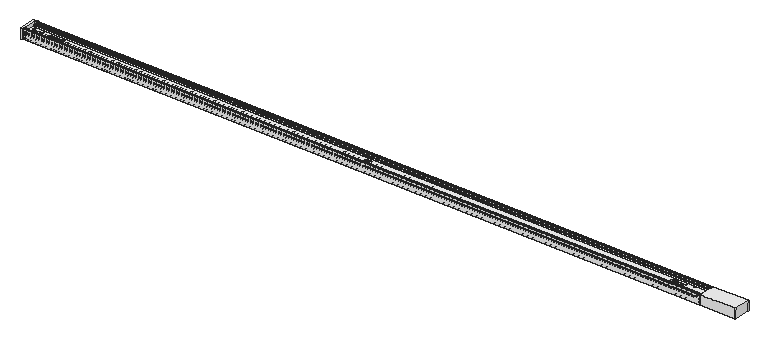
Revit family "SD1015BR_SD1015PTO", category Luminárias, Revit 2023
Family settings
  Hospedeiro = Forro
  Cota do conector redondo = Utilizar diâmetro
  Tipo de parte = Normal
  Número OmniClass = 23.80.70.11
  Título OmniClass = Luminaries for Internal Lighting
  Sempre na vertical = Sim
  Corte com vazios quando carregada = Não
  Fonte luminosa = Não
  Manter orientação da anotação = Não
  Compartilhado = Não
  Ponto de cálculo do ambiente = Não
Parameters (values of type "SD1015BR - BRANCO - 1,5m")
  URL = "https://stella.com.br/"
  Tensão Elétrica = "127V-220V"
  Referência = "SD1015BR"
  Potência máxima = 1000 W
  Modelo = "Trilho ECO de Sobrepor\r\n\r\nTrilho ECO de Sobrepor\r\nTrace - Trilho de Sobrepor 1m"
  Largura = 0.035 m
  Grau de proteção (IP) = "IP20"
  Fabricante = "Stella"
  Estrutura = Al - Branco
  Elevação padrão = 0.00 m
  Comprimento = 1.50 m
  Altura = 0.021 m
Types (3, lengths in m): name | Referência | Estrutura
  (no name) | "SD1015BR" | Al - Branco
  SD1015BR - BRANCO - 1,5m | "SD1015BR" | Al - Branco
  SD1015PTO - PRETO - 1,5m | "SD1015PTO" | Al - Preto
Reference planes (m)
  plane 1 "Eixo de origem da luz (F/T)": y = 0
  plane 2 "Forro": z = 2.5
  plane 3 "Eixo de origem da luz (E/D)": x = 0
  plane 4 "Elevação da origem da luz": z = 2.479
  plane 5: y = 0.0175
  plane 6: y = -0.0175
  plane 7: x = -0.75
  plane 8: x = 0.75
  plane 9 "Inferior": z = 2.479
  plane 10 "Superior": z = 2.5
Forms (m)
  Extrusion 1, solid, material "Al - Branco" <- "Estrutura"
    sketch origin (0, 0, 0) x (0, 1, 0) y (0, 0, 1)
      loop
        line (0.012852, 2.4988) -> (0.0162, 2.4988) -> (0.0162, 2.4936) -> (0.0114, 2.4936)
        arc (0.0114, 2.4936) -> (0.01, 2.494805) -> (0.0086, 2.4936) r 0.001416
        line (0.0086, 2.4936) -> (-0.0086, 2.4936)
        arc (-0.0086, 2.4936) -> (-0.01, 2.494805) -> (-0.0114, 2.4936) r 0.001416
        line (-0.0114, 2.4936) -> (-0.0162, 2.4936) -> (-0.0162, 2.4988) -> (-0.012852, 2.4988)
        spline (-0.012852, 2.4988) -> (-0.012795, 2.498814) -> (-0.012742, 2.498854) -> (-0.012697, 2.498917) -> (-0.012662, 2.499) -> (-0.01264, 2.499096) -> (-0.012633, 2.4992) -> (-0.01264, 2.499304) -> (-0.012662, 2.4994) -> (-0.012697, 2.499483) -> (-0.012742, 2.499546) -> (-0.012795, 2.499586) -> (-0.012852, 2.4996)
        line (-0.012852, 2.4996) -> (-0.0162, 2.4996)
        spline (-0.0162, 2.4996) -> (-0.016214, 2.499704) -> (-0.016254, 2.4998) -> (-0.016317, 2.499883) -> (-0.0164, 2.499946) -> (-0.016496, 2.499986) -> (-0.0166, 2.5) -> (-0.016704, 2.499986) -> (-0.0168, 2.499946) -> (-0.016883, 2.499883) -> (-0.016946, 2.4998) -> (-0.016986, 2.499704) -> (-0.017, 2.4996)
        line (-0.017, 2.4996) -> (-0.017, 2.4805) -> (-0.0083, 2.4805)
        arc (-0.0083, 2.4805) -> (-0.007815, 2.480664) -> (-0.007529, 2.481088) r 0.0008
        line (-0.007529, 2.481088) -> (-0.007529, 2.481912)
        arc (-0.007529, 2.481912) -> (-0.007815, 2.482336) -> (-0.0083, 2.4825) r 0.0008
        line (-0.0083, 2.4825) -> (-0.0094, 2.4825)
        arc (-0.0094, 2.4825) -> (-0.009824, 2.482324) -> (-0.01, 2.4819) r 0.0006
        arc (-0.01, 2.4819) -> (-0.010176, 2.481476) -> (-0.0106, 2.4813) r 0.0006
        line (-0.0106, 2.4813) -> (-0.0135, 2.4813) -> (-0.0135, 2.48285)
        spline (-0.0135, 2.48285) -> (-0.013514, 2.482937) -> (-0.013554, 2.483018) -> (-0.013617, 2.483087) -> (-0.0137, 2.483141) -> (-0.013796, 2.483174) -> (-0.0139, 2.483186) -> (-0.014004, 2.483174) -> (-0.0141, 2.483141) -> (-0.014183, 2.483087) -> (-0.014246, 2.483018) -> (-0.014286, 2.482937) -> (-0.0143, 2.48285)
        line (-0.0143, 2.48285) -> (-0.0143, 2.4813) -> (-0.015611, 2.4813)
        arc (-0.015611, 2.4813) -> (-0.016027, 2.481473) -> (-0.0162, 2.481889) r 0.000589
        line (-0.0162, 2.481889) -> (-0.0162, 2.492214)
        arc (-0.0162, 2.492214) -> (-0.016059, 2.492595) -> (-0.015705, 2.492793) r 0.000586
        line (-0.015705, 2.492793) -> (-0.014795, 2.492793)
        arc (-0.014795, 2.492793) -> (-0.014441, 2.492595) -> (-0.0143, 2.492214) r 0.000586
        line (-0.0143, 2.492214) -> (-0.0143, 2.491289)
        spline (-0.0143, 2.491289) -> (-0.014286, 2.491195) -> (-0.014246, 2.491108) -> (-0.014183, 2.491033) -> (-0.0141, 2.490975) -> (-0.014004, 2.490939) -> (-0.0139, 2.490926) -> (-0.013796, 2.490939) -> (-0.0137, 2.490975) -> (-0.013617, 2.491033) -> (-0.013554, 2.491108) -> (-0.013514, 2.491195) -> (-0.0135, 2.491289)
        line (-0.0135, 2.491289) -> (-0.0135, 2.492214)
        arc (-0.0135, 2.492214) -> (-0.013328, 2.492628) -> (-0.012914, 2.4928) r 0.000586
        line (-0.012914, 2.4928) -> (0.012914, 2.4928)
        arc (0.012914, 2.4928) -> (0.013328, 2.492628) -> (0.0135, 2.492214) r 0.000586
        line (0.0135, 2.492214) -> (0.0135, 2.491289)
        spline (0.0135, 2.491289) -> (0.013514, 2.491195) -> (0.013554, 2.491108) -> (0.013617, 2.491033) -> (0.0137, 2.490975) -> (0.013796, 2.490939) -> (0.0139, 2.490926) -> (0.014004, 2.490939) -> (0.0141, 2.490975) -> (0.014183, 2.491033) -> (0.014246, 2.491108) -> (0.014286, 2.491195) -> (0.0143, 2.491289)
        line (0.0143, 2.491289) -> (0.0143, 2.492214)
        arc (0.0143, 2.492214) -> (0.014441, 2.492595) -> (0.014795, 2.492793) r 0.000586
        line (0.014795, 2.492793) -> (0.015705, 2.492793)
        arc (0.015705, 2.492793) -> (0.016059, 2.492595) -> (0.0162, 2.492214) r 0.000586
        line (0.0162, 2.492214) -> (0.0162, 2.481889)
        arc (0.0162, 2.481889) -> (0.016027, 2.481473) -> (0.015611, 2.4813) r 0.000589
        line (0.015611, 2.4813) -> (0.0143, 2.4813) -> (0.0143, 2.48285)
        spline (0.0143, 2.48285) -> (0.014286, 2.482937) -> (0.014246, 2.483018) -> (0.014183, 2.483087) -> (0.0141, 2.483141) -> (0.014004, 2.483174) -> (0.0139, 2.483186) -> (0.013796, 2.483174) -> (0.0137, 2.483141) -> (0.013617, 2.483087) -> (0.013554, 2.483018) -> (0.013514, 2.482937) -> (0.0135, 2.48285)
        line (0.0135, 2.48285) -> (0.0135, 2.4813) -> (0.0106, 2.4813)
        arc (0.0106, 2.4813) -> (0.010176, 2.481476) -> (0.01, 2.4819) r 0.0006
        arc (0.01, 2.4819) -> (0.009824, 2.482324) -> (0.0094, 2.4825) r 0.0006
        line (0.0094, 2.4825) -> (0.0083, 2.4825)
        arc (0.0083, 2.4825) -> (0.007815, 2.482336) -> (0.007529, 2.481912) r 0.0008
        line (0.007529, 2.481912) -> (0.007529, 2.481088)
        arc (0.007529, 2.481088) -> (0.007815, 2.480664) -> (0.0083, 2.4805) r 0.0008
        line (0.0083, 2.4805) -> (0.013227, 2.4805)
        arc (0.013227, 2.4805) -> (0.013632, 2.480332) -> (0.0138, 2.479927) r 0.000573
        line (0.0138, 2.479927) -> (0.0138, 2.479) -> (0.0162, 2.479)
        arc (0.0162, 2.479) -> (0.016766, 2.479234) -> (0.017, 2.4798) r 0.0008
        line (0.017, 2.4798) -> (0.017, 2.4996)
        spline (0.017, 2.4996) -> (0.016986, 2.499704) -> (0.016946, 2.4998) -> (0.016883, 2.499883) -> (0.0168, 2.499946) -> (0.016704, 2.499986) -> (0.0166, 2.5) -> (0.016496, 2.499986) -> (0.0164, 2.499946) -> (0.016317, 2.499883) -> (0.016254, 2.4998) -> (0.016214, 2.499704) -> (0.0162, 2.4996)
        line (0.0162, 2.4996) -> (0.012852, 2.4996)
        spline (0.012852, 2.4996) -> (0.012795, 2.499586) -> (0.012742, 2.499546) -> (0.012697, 2.499483) -> (0.012662, 2.4994) -> (0.01264, 2.499304) -> (0.012633, 2.4992) -> (0.01264, 2.499096) -> (0.012662, 2.499) -> (0.012697, 2.498917) -> (0.012742, 2.498854) -> (0.012795, 2.498814) -> (0.012852, 2.4988)
      loop
        circle (-0.009634, 2.487) r 0.001
      loop
        circle (0.009634, 2.487) r 0.001
    from -0.7445 to 0.6755
  Extrusion 2, solid, material "Al - Branco" <- "Estrutura"
    sketch origin (0, 0, 0) x (0, 1, 0) y (0, 0, 1)
      loop
        line (0.013671, 2.4893) -> (0.0085, 2.4893)
        arc (0.0085, 2.4893) -> (0.007991, 2.48865) -> (0.0085, 2.488) r 0.000669
        line (0.0085, 2.488) -> (0.009865, 2.488)
        spline (0.009865, 2.488) -> (0.010106, 2.487966) -> (0.01033, 2.487866) -> (0.010523, 2.487707) -> (0.010671, 2.4875) -> (0.010763, 2.487259) -> (0.010795, 2.487) -> (0.010763, 2.486741) -> (0.010671, 2.4865) -> (0.010523, 2.486293) -> (0.01033, 2.486134) -> (0.010106, 2.486034) -> (0.009865, 2.486)
        line (0.009865, 2.486) -> (0.0085, 2.486)
        arc (0.0085, 2.486) -> (0.007991, 2.48535) -> (0.0085, 2.4847) r 0.000669
        line (0.0085, 2.4847) -> (0.013671, 2.4847)
        arc (0.013671, 2.4847) -> (0.014166, 2.484495) -> (0.014371, 2.484) r 0.0007
        line (0.014371, 2.484) -> (0.014371, 2.482452)
        spline (0.014371, 2.482452) -> (0.014391, 2.482322) -> (0.014451, 2.482201) -> (0.014546, 2.482097) -> (0.014671, 2.482017) -> (0.014815, 2.481967) -> (0.014971, 2.48195) -> (0.015126, 2.481967) -> (0.015271, 2.482017) -> (0.015395, 2.482097) -> (0.01549, 2.482201) -> (0.01555, 2.482322) -> (0.015571, 2.482452)
        line (0.015571, 2.482452) -> (0.015571, 2.485276)
        arc (0.015571, 2.485276) -> (0.015307, 2.485912) -> (0.014671, 2.486176) r 0.0009
        line (0.014671, 2.486176) -> (0.013147, 2.486176)
        spline (0.013147, 2.486176) -> (0.012968, 2.486207) -> (0.012801, 2.486298) -> (0.012657, 2.486443) -> (0.012547, 2.486632) -> (0.012478, 2.486852) -> (0.012454, 2.487088) -> (0.012478, 2.487324) -> (0.012547, 2.487544) -> (0.012657, 2.487733) -> (0.012801, 2.487878) -> (0.012968, 2.487969) -> (0.013147, 2.488)
        line (0.013147, 2.488) -> (0.014671, 2.488)
        arc (0.014671, 2.488) -> (0.015307, 2.488264) -> (0.015571, 2.4889) r 0.0009
        line (0.015571, 2.4889) -> (0.015571, 2.49148)
        spline (0.015571, 2.49148) -> (0.01555, 2.49161) -> (0.01549, 2.491731) -> (0.015395, 2.491835) -> (0.015271, 2.491914) -> (0.015126, 2.491965) -> (0.014971, 2.491982) -> (0.014815, 2.491965) -> (0.014671, 2.491914) -> (0.014546, 2.491835) -> (0.014451, 2.491731) -> (0.014391, 2.49161) -> (0.014371, 2.49148)
        line (0.014371, 2.49148) -> (0.014371, 2.49)
        arc (0.014371, 2.49) -> (0.014166, 2.489505) -> (0.013671, 2.4893) r 0.0007
      loop
        arc (-0.013671, 2.4893) -> (-0.014166, 2.489505) -> (-0.014371, 2.49) r 0.0007
        line (-0.014371, 2.49) -> (-0.014371, 2.49148)
        spline (-0.014371, 2.49148) -> (-0.014391, 2.49161) -> (-0.014451, 2.491731) -> (-0.014546, 2.491835) -> (-0.014671, 2.491914) -> (-0.014815, 2.491965) -> (-0.014971, 2.491982) -> (-0.015126, 2.491965) -> (-0.015271, 2.491914) -> (-0.015395, 2.491835) -> (-0.01549, 2.491731) -> (-0.01555, 2.49161) -> (-0.015571, 2.49148)
        line (-0.015571, 2.49148) -> (-0.015571, 2.4889)
        arc (-0.015571, 2.4889) -> (-0.015307, 2.488264) -> (-0.014671, 2.488) r 0.0009
        line (-0.014671, 2.488) -> (-0.013147, 2.488)
        spline (-0.013147, 2.488) -> (-0.012968, 2.487969) -> (-0.012801, 2.487878) -> (-0.012657, 2.487733) -> (-0.012547, 2.487544) -> (-0.012478, 2.487324) -> (-0.012454, 2.487088) -> (-0.012478, 2.486852) -> (-0.012547, 2.486632) -> (-0.012657, 2.486443) -> (-0.012801, 2.486298) -> (-0.012968, 2.486207) -> (-0.013147, 2.486176)
        line (-0.013147, 2.486176) -> (-0.014671, 2.486176)
        arc (-0.014671, 2.486176) -> (-0.015307, 2.485912) -> (-0.015571, 2.485276) r 0.0009
        line (-0.015571, 2.485276) -> (-0.015571, 2.482452)
        spline (-0.015571, 2.482452) -> (-0.01555, 2.482322) -> (-0.01549, 2.482201) -> (-0.015395, 2.482097) -> (-0.015271, 2.482017) -> (-0.015126, 2.481967) -> (-0.014971, 2.48195) -> (-0.014815, 2.481967) -> (-0.014671, 2.482017) -> (-0.014546, 2.482097) -> (-0.014451, 2.482201) -> (-0.014391, 2.482322) -> (-0.014371, 2.482452)
        line (-0.014371, 2.482452) -> (-0.014371, 2.484)
        arc (-0.014371, 2.484) -> (-0.014166, 2.484495) -> (-0.013671, 2.4847) r 0.0007
        line (-0.013671, 2.4847) -> (-0.0085, 2.4847)
        arc (-0.0085, 2.4847) -> (-0.007991, 2.48535) -> (-0.0085, 2.486) r 0.000669
        line (-0.0085, 2.486) -> (-0.009865, 2.486)
        spline (-0.009865, 2.486) -> (-0.010106, 2.486034) -> (-0.01033, 2.486134) -> (-0.010523, 2.486293) -> (-0.010671, 2.4865) -> (-0.010763, 2.486741) -> (-0.010795, 2.487) -> (-0.010763, 2.487259) -> (-0.010671, 2.4875) -> (-0.010523, 2.487707) -> (-0.01033, 2.487866) -> (-0.010106, 2.487966) -> (-0.009865, 2.488)
        line (-0.009865, 2.488) -> (-0.0085, 2.488)
        arc (-0.0085, 2.488) -> (-0.007991, 2.48865) -> (-0.0085, 2.4893) r 0.000669
        line (-0.0085, 2.4893) -> (-0.013671, 2.4893)
    from -0.7445 to 0.6755
  Extrusion 3, solid, material "Al - Branco" <- "Estrutura"
    sketch origin (0, 0, 2.479) x (0, -1, 0) y (1, 0, 0)
      loop
        line (-0.017, 0.7485) -> (-0.017, 0.6755) -> (0.017, 0.6755) -> (0.017, 0.7485)
        arc (0.017, 0.7485) -> (0.016707, 0.749207) -> (0.016, 0.7495) r 0.001
        line (0.016, 0.7495) -> (-0.016, 0.7495)
        arc (-0.016, 0.7495) -> (-0.016707, 0.749207) -> (-0.017, 0.7485) r 0.001
    from 0.0015 to 0.021
  Extrusion 4, solid, material "Al - Branco" <- "Estrutura"
    sketch origin (0, -0.000836, 2.479) x (0, -1, 0) y (1, 0, 0)
      loop
        arc (0.002464, 0.6425) -> (0.005293, 0.643672) -> (0.006464, 0.6465) r 0.004
        line (0.006464, 0.6465) -> (0.006464, 0.6755) -> (-0.0073, 0.6755) -> (-0.0073, 0.6465)
        arc (-0.0073, 0.6465) -> (-0.006129, 0.643672) -> (-0.0033, 0.6425) r 0.004
        line (-0.0033, 0.6425) -> (0.002464, 0.6425)
    from 0.0015 to 0.0135
  Extrusion 5, solid, material "Al - Branco" <- "Estrutura"
    sketch origin (0, -0.000836, 2.479) x (0, -1, 0) y (1, 0, 0)
      loop
        arc (-0.0075, 0.644169) -> (-0.00556, 0.642933) -> (-0.0033, 0.6425) r 0.006118
        arc (-0.0033, 0.6425) -> (-0.006129, 0.643672) -> (-0.0073, 0.6465) r 0.004
        line (-0.0073, 0.6465) -> (-0.0073, 0.6755) -> (-0.00872, 0.6755) -> (-0.00872, 0.646786)
        arc (-0.00872, 0.646786) -> (-0.00836, 0.645361) -> (-0.0075, 0.644169) r 0.003914
    from 0.0035 to 0.0057
  Extrusion 6, solid, material "Al - Branco" <- "Estrutura"
    sketch origin (0, 0, 2.479) x (0, -1, 0) y (1, 0, 0)
      loop
        arc (0.0075, 0.644169) -> (0.00836, 0.645361) -> (0.00872, 0.646786) r 0.003914
        line (0.00872, 0.646786) -> (0.00872, 0.6755) -> (0.0073, 0.6755) -> (0.0073, 0.6465)
        arc (0.0073, 0.6465) -> (0.006129, 0.643672) -> (0.0033, 0.6425) r 0.004
        arc (0.0033, 0.6425) -> (0.00556, 0.642933) -> (0.0075, 0.644169) r 0.006118
    from 0.0035 to 0.0057
  Extrusion 7, solid, material "Al - Branco" <- "Estrutura"
    sketch origin (0, 0, 2.484) x (0, -1, 0) y (1, 0, 0)
      loop
        arc (0.0075, 0.644169) -> (0.00836, 0.645361) -> (0.00872, 0.646786) r 0.003914
        line (0.00872, 0.646786) -> (0.00872, 0.6755) -> (0.0073, 0.6755) -> (0.0073, 0.6465)
        arc (0.0073, 0.6465) -> (0.006129, 0.643672) -> (0.0033, 0.6425) r 0.004
        arc (0.0033, 0.6425) -> (0.00556, 0.642933) -> (0.0075, 0.644169) r 0.006118
    from 0.006 to 0.0085
  Extrusion 8, solid, material "Al - Branco" <- "Estrutura"
    sketch origin (0, -0.000836, 2.484) x (0, -1, 0) y (1, 0, 0)
      loop
        arc (-0.0075, 0.644169) -> (-0.00556, 0.642933) -> (-0.0033, 0.6425) r 0.006118
        arc (-0.0033, 0.6425) -> (-0.006129, 0.643672) -> (-0.0073, 0.6465) r 0.004
        line (-0.0073, 0.6465) -> (-0.0073, 0.6755) -> (-0.00872, 0.6755) -> (-0.00872, 0.646786)
        arc (-0.00872, 0.646786) -> (-0.00836, 0.645361) -> (-0.0075, 0.644169) r 0.003914
    from 0.006 to 0.0085
  Extrusion 9, solid, material "Al - Branco" <- "Estrutura"
    sketch origin (0, 0, 2.479) x (0, 1, 0) y (-1, 0, 0)
      loop
        arc (0.017, 0.7485) -> (0.016707, 0.749207) -> (0.016, 0.7495) r 0.001
        line (0.016, 0.7495) -> (-0.016, 0.7495)
        arc (-0.016, 0.7495) -> (-0.016707, 0.749207) -> (-0.017, 0.7485) r 0.001
        line (-0.017, 0.7485) -> (-0.017, 0.7445) -> (0.017, 0.7445) -> (0.017, 0.7485)
    from 0.0015 to 0.021
  Sweep 10, solid, material "Al - Branco" <- "Estrutura"
    path origin (0.000002, -0.000005, 2.479) x (0, -1, 0) y (1, 0, 0)
      loop
        line (-0.011919, -0.7445) -> (-0.011919, -0.722)
        arc (-0.011919, -0.722) -> (-0.011187, -0.720232) -> (-0.009419, -0.7195) r 0.0025
        line (-0.009419, -0.7195) -> (0.009409, -0.7195)
        arc (0.009409, -0.7195) -> (0.011177, -0.720232) -> (0.011909, -0.722) r 0.0025
        line (0.011909, -0.722) -> (0.011909, -0.7445)
    profile origin (-0.733248, 0.011914, 2.479) x (0, 1, 0) y (0, 0, 1)
      loop
        arc (-0.00125, 0.01111) -> (0, 0.01236) -> (-0.00125, 0.01361) r 0.00125
        line (-0.00125, 0.01361) -> (-0.00245, 0.01361) -> (-0.00245, 0.01111) -> (-0.00125, 0.01111)
  Extrusion 11, solid, material "Al - Branco" <- "Estrutura"
    sketch origin (0, 0.05, 0) x (0, 1, 0) y (0, 0, 1)
      loop
        line (-0.040536, 2.49011) -> (-0.040536, 2.49261) -> (-0.059464, 2.49261) -> (-0.059464, 2.49011) -> (-0.040536, 2.49011)
    from -0.7445 to -0.721948
  Extrusion 12, solid, material "Al - Branco" <- "Estrutura"
    sketch origin (0, 0.05, -0.0075) x (0, 1, 0) y (0, 0, 1)
      loop
        line (-0.042504, 2.49011) -> (-0.042504, 2.49261) -> (-0.057466, 2.49261) -> (-0.057466, 2.49011) -> (-0.042504, 2.49011)
    from -0.7445 to -0.73295
  Sweep 13, solid, material "Al - Branco" <- "Estrutura"
    path origin (0.000002, -0.000005, 2.4715) x (0, -1, 0) y (1, 0, 0)
      loop
        line (-0.009951, -0.744502) -> (-0.009951, -0.733002)
        arc (-0.009951, -0.733002) -> (-0.009219, -0.731234) -> (-0.007451, -0.730502) r 0.0025
        line (-0.007451, -0.730502) -> (0.00741, -0.730502)
        arc (0.00741, -0.730502) -> (0.009178, -0.731234) -> (0.00991, -0.733002) r 0.0025
        line (0.00991, -0.733002) -> (0.00991, -0.744502)
    profile origin (-0.73875, 0.009946, 2.4715) x (0, 1, 0) y (0, 0, 1)
      loop
        arc (-0.00125, 0.01111) -> (0, 0.01236) -> (-0.00125, 0.01361) r 0.00125
        line (-0.00125, 0.01361) -> (-0.00245, 0.01361) -> (-0.00245, 0.01111) -> (-0.00125, 0.01111)
  Extrusion 14, void
    sketch origin (0, 0, 2.479) x (0, -1, 0) y (1, 0, 0)
      loop
        arc (0.002008, -0.677807) -> (-0.000242, -0.6705) -> (-0.002492, -0.677807) r 0.004
        line (-0.002492, -0.677807) -> (-0.002492, -0.6995)
        arc (-0.002492, -0.6995) -> (-0.001833, -0.701091) -> (-0.000242, -0.70175) r 0.00225
        arc (-0.000242, -0.70175) -> (0.001349, -0.701091) -> (0.002008, -0.6995) r 0.00225
        line (0.002008, -0.6995) -> (0.002008, -0.677807)
      loop
        arc (-0.000242, 0.6015) -> (0.003581, 0.604323) -> (0.002008, 0.608807) r 0.004
        line (0.002008, 0.608807) -> (0.002008, 0.6305)
        arc (0.002008, 0.6305) -> (-0.000242, 0.63275) -> (-0.002492, 0.6305) r 0.00225
        line (-0.002492, 0.6305) -> (-0.002492, 0.608807)
        arc (-0.002492, 0.608807) -> (-0.004065, 0.604323) -> (-0.000242, 0.6015) r 0.004
      loop
        arc (-0.0028, -0.0385) -> (-0.0003, -0.041) -> (0.0022, -0.0385) r 0.0025
        line (0.0022, -0.0385) -> (0.0022, -0.030477)
        arc (0.0022, -0.030477) -> (-0.0003, -0.027977) -> (-0.0028, -0.030477) r 0.0025
        line (-0.0028, -0.030477) -> (-0.0028, -0.0385)
    from 0.013793 to 0.021
Cuts and joins
  joined: Extrusion 3, Extrusion 4, Extrusion 5, Extrusion 6, Extrusion 7, Extrusion 8
  joined: Extrusion 9, Sweep 10, Extrusion 11, Extrusion 12, Sweep 13
  Extrusion 14 cuts Extrusion 1
Dimensions and locks (m)
  equal spacing: host sketch curve, plane 3 "Eixo de origem da luz (E/D)", host sketch curve
  equal spacing: host sketch curve, plane 1 "Eixo de origem da luz (F/T)", host sketch curve
  host sketch curve to host sketch curve = 1.51 m
  host sketch curve to host sketch curve = 0.045 m
  "Comprimento": plane 7 to plane 8
  "Largura": plane 5 to plane 6
  "Altura": plane 10 "Superior" to plane 9 "Inferior"
Automatic sketch dimensions
  Extrusion 1 sketch curve to Extrusion 1 sketch curve = 0.00 m  (x10)
  plane 4 "Elevação da origem da luz" to Extrusion 1 sketch curve = 0.00 m
  plane 6 to Extrusion 1 sketch curve = 0.0005 m
  plane 6 to Extrusion 1 sketch curve = 0.0013 m  (x2)
  Extrusion 1 sketch curve to Extrusion 1 sketch curve = 0.0008 m  (x7)
  Extrusion 1 sketch curve to Extrusion 1 sketch curve = 0.000495 m  (x2)
  Extrusion 1 sketch curve to Extrusion 1 sketch curve = 0.000091 m  (x3)
  Extrusion 1 sketch curve to Extrusion 1 sketch curve = 0.000589 m
  Extrusion 1 sketch curve to Extrusion 1 sketch curve = 0.000728 m  (x2)
  Extrusion 1 sketch curve to Extrusion 1 sketch curve = 0.000586 m  (x5)
  Extrusion 1 sketch curve to Extrusion 1 sketch curve = 0.001311 m  (x2)
  Extrusion 1 sketch curve to plane 2 "Forro" = 0.0012 m
  Extrusion 1 sketch curve to Extrusion 1 sketch curve = 0.003348 m
  Extrusion 1 sketch curve to Extrusion 1 sketch curve = 0.001514 m  (x2)
  Extrusion 1 sketch curve to Extrusion 1 sketch curve = 0.0029 m
  Extrusion 1 sketch curve to Extrusion 1 sketch curve = 0.0014 m  (x4)
  Extrusion 1 sketch curve to Extrusion 1 sketch curve = 0.000966 m
  Extrusion 1 sketch curve to Extrusion 1 sketch curve = 0.0012 m  (x2)
  Extrusion 1 sketch curve to Extrusion 1 sketch curve = 0.0011 m  (x3)
  Extrusion 1 sketch curve to Extrusion 1 sketch curve = 0.000771 m  (x2)
  Extrusion 1 sketch curve to plane 4 "Elevação da origem da luz" = 0.002088 m
  Extrusion 1 sketch curve to plane 1 "Eixo de origem da luz (F/T)" = 0.007529 m
  Extrusion 1 sketch curve to plane 1 "Eixo de origem da luz (F/T)" = 0.0086 m
  Extrusion 1 sketch curve to Extrusion 1 sketch curve = 0.000234 m
  Extrusion 1 sketch curve to plane 2 "Forro" = 0.0004 m  (x2)
  Extrusion 1 sketch curve to plane 5 = 0.004648 m
  Extrusion 1 sketch curve to plane 4 "Elevação da origem da luz" = 0.000927 m
  Extrusion 1 sketch curve to Extrusion 1 sketch curve = 0.002627 m
  Extrusion 1 sketch curve to Extrusion 1 sketch curve = 0.000273 m
  Extrusion 1 sketch curve to Extrusion 1 sketch curve = 0.000573 m
  Extrusion 1 sketch curve to plane 5 = 0.0013 m  (x2)
  Extrusion 1 sketch curve to plane 5 = 0.0005 m
  Extrusion 1 sketch curve to plane 4 "Elevação da origem da luz" = 0.0015 m
  Extrusion 1 sketch curve to Extrusion 1 sketch curve = 0.000588 m
  Extrusion 1 sketch curve to plane 4 "Elevação da origem da luz" = 0.0023 m
  Extrusion 1 sketch curve to Extrusion 1 sketch curve = 0.0004 m  (x2)
  Extrusion 1 sketch curve to Extrusion 1 sketch curve = 0.0006 m
  Extrusion 1 sketch curve to Extrusion 1 sketch curve = 0.0002 m
  Extrusion 1 sketch curve to Extrusion 1 sketch curve = 0.000212 m  (x2)
  Extrusion 1 sketch curve to Extrusion 1 sketch curve = 0.00155 m  (x2)
  Extrusion 1 sketch curve to Extrusion 1 sketch curve = 0.0045 m  (x2)
  Extrusion 1 sketch curve to Extrusion 1 sketch curve = 0.004289 m  (x2)
  Extrusion 1 sketch curve to Extrusion 1 sketch curve = 0.000925 m  (x2)
  Extrusion 1 sketch curve to Extrusion 1 sketch curve = 0.00059 m  (x2)
  Extrusion 1 sketch curve to Extrusion 1 sketch curve = 0.000807 m
  Extrusion 1 sketch curve to Extrusion 1 sketch curve = 0.001 m  (x2)
  plane 6 to Extrusion 2 sketch curve = 0.001929 m  (x2)
  Extrusion 2 sketch curve to Extrusion 2 sketch curve = 0.0009 m  (x3)
  Extrusion 2 sketch curve to Extrusion 2 sketch curve = 0.0012 m  (x3)
  Extrusion 2 sketch curve to Extrusion 2 sketch curve = 0.0007 m  (x4)
  Extrusion 2 sketch curve to Extrusion 2 sketch curve = 0.001524 m  (x2)
  Extrusion 2 sketch curve to Extrusion 2 sketch curve = 0.003282 m  (x2)
  Extrusion 2 sketch curve to Extrusion 2 sketch curve = 0.001205 m  (x2)
  Extrusion 2 sketch curve to Extrusion 2 sketch curve = 0.00016 m  (x6)
  Extrusion 2 sketch curve to plane 1 "Eixo de origem da luz (F/T)" = 0.0085 m
  Extrusion 2 sketch curve to Extrusion 2 sketch curve = 0.00 m  (x3)
  Extrusion 2 sketch curve to Extrusion 2 sketch curve = 0.001365 m
  Extrusion 2 sketch curve to Extrusion 2 sketch curve = 0.000524 m  (x2)
  Extrusion 2 sketch curve to Extrusion 2 sketch curve = 0.001 m
  Extrusion 2 sketch curve to plane 4 "Elevação da origem da luz" = 0.003452 m  (x2)
  Extrusion 2 sketch curve to Extrusion 2 sketch curve = 0.001548 m  (x2)
  Extrusion 2 sketch curve to Extrusion 2 sketch curve = 0.001276 m  (x2)
  Extrusion 2 sketch curve to Extrusion 2 sketch curve = 0.00065 m  (x4)
  Extrusion 2 sketch curve to Extrusion 2 sketch curve = 0.002 m  (x2)
  Extrusion 2 sketch curve to Extrusion 2 sketch curve = 0.001824 m  (x2)
  Extrusion 2 sketch curve to Extrusion 2 sketch curve = 0.00148 m  (x2)
  Extrusion 3 sketch curve to plane 5 = 0.0005 m
  Extrusion 3 sketch curve to plane 8 = 0.0005 m
  Extrusion 3 sketch curve to Extrusion 3 sketch curve = 0.001 m
  plane 6 to Extrusion 3 sketch curve = 0.0015 m
  plane 6 to Extrusion 3 sketch curve = 0.0005 m
  Extrusion 3 sketch curve to Extrusion 3 sketch curve = 0.073 m
  Extrusion 4 sketch curve to plane 1 "Eixo de origem da luz (F/T)" = 0.006464 m
  Extrusion 4 sketch curve to plane 1 "Eixo de origem da luz (F/T)" = 0.002464 m
  plane 1 "Eixo de origem da luz (F/T)" to Extrusion 4 sketch curve = 0.0033 m
  Extrusion 4 sketch curve to Extrusion 4 sketch curve = 0.004 m
  Extrusion 4 sketch curve to plane 8 = 0.1075 m
  Extrusion 4 sketch curve to Extrusion 4 sketch curve = 0.029 m
  Extrusion 5 sketch curve to plane 1 "Eixo de origem da luz (F/T)" = 0.007884 m
  Extrusion 5 sketch curve to Extrusion 5 sketch curve = 0.00142 m
  Extrusion 5 sketch curve to Extrusion 5 sketch curve = 0.002487 m
  Extrusion 5 sketch curve to Extrusion 5 sketch curve = 0.001513 m
  Extrusion 5 sketch curve to plane 8 = 0.1035 m
  Extrusion 5 sketch curve to Extrusion 5 sketch curve = 0.000286 m
  Extrusion 5 sketch curve to Extrusion 5 sketch curve = 0.000515 m
  Extrusion 5 sketch curve to Extrusion 5 sketch curve = 0.002118 m
  Extrusion 5 sketch curve to Extrusion 5 sketch curve = 0.026882 m
  Extrusion 5 sketch curve to Extrusion 5 sketch curve = 0.00 m
  plane 1 "Eixo de origem da luz (F/T)" to Extrusion 6 sketch curve = 0.0033 m
  Extrusion 6 sketch curve to Extrusion 6 sketch curve = 0.001513 m
  Extrusion 6 sketch curve to Extrusion 6 sketch curve = 0.002487 m
  Extrusion 6 sketch curve to Extrusion 6 sketch curve = 0.00142 m
  Extrusion 6 sketch curve to plane 8 = 0.1035 m
  Extrusion 6 sketch curve to Extrusion 6 sketch curve = 0.000286 m
  Extrusion 6 sketch curve to Extrusion 6 sketch curve = 0.000515 m
  Extrusion 6 sketch curve to Extrusion 6 sketch curve = 0.002118 m
  Extrusion 6 sketch curve to Extrusion 6 sketch curve = 0.026882 m
  Extrusion 6 sketch curve to Extrusion 6 sketch curve = 0.00 m
  plane 1 "Eixo de origem da luz (F/T)" to Extrusion 7 sketch curve = 0.0033 m
  Extrusion 7 sketch curve to Extrusion 7 sketch curve = 0.001513 m
  Extrusion 7 sketch curve to Extrusion 7 sketch curve = 0.002487 m
  Extrusion 7 sketch curve to Extrusion 7 sketch curve = 0.00142 m
  Extrusion 7 sketch curve to plane 8 = 0.1035 m
  Extrusion 7 sketch curve to Extrusion 7 sketch curve = 0.000286 m
  Extrusion 7 sketch curve to Extrusion 7 sketch curve = 0.000515 m
  Extrusion 7 sketch curve to Extrusion 7 sketch curve = 0.002118 m
  Extrusion 7 sketch curve to Extrusion 7 sketch curve = 0.026882 m
  Extrusion 7 sketch curve to Extrusion 7 sketch curve = 0.00 m
  Extrusion 8 sketch curve to plane 1 "Eixo de origem da luz (F/T)" = 0.007884 m
  Extrusion 8 sketch curve to Extrusion 8 sketch curve = 0.00142 m
  Extrusion 8 sketch curve to Extrusion 8 sketch curve = 0.002487 m
  Extrusion 8 sketch curve to Extrusion 8 sketch curve = 0.001513 m
  Extrusion 8 sketch curve to plane 8 = 0.1035 m
  Extrusion 8 sketch curve to Extrusion 8 sketch curve = 0.000286 m
  Extrusion 8 sketch curve to Extrusion 8 sketch curve = 0.000515 m
  Extrusion 8 sketch curve to Extrusion 8 sketch curve = 0.002118 m
  Extrusion 8 sketch curve to Extrusion 8 sketch curve = 0.026882 m
  Extrusion 8 sketch curve to Extrusion 8 sketch curve = 0.00 m
  plane 6 to Extrusion 9 sketch curve = 0.0005 m
  plane 7 to Extrusion 9 sketch curve = 0.0005 m
  Extrusion 9 sketch curve to Extrusion 9 sketch curve = 0.001 m
  Extrusion 9 sketch curve to plane 5 = 0.0015 m
  Extrusion 9 sketch curve to plane 5 = 0.0005 m
  Extrusion 9 sketch curve to Extrusion 9 sketch curve = 0.004 m
  Sweep 10 sketch curve to plane 5 = 0.005586 m
  Sweep 10 sketch curve to Sweep 10 sketch curve = 0.0025 m  (x2)
  plane 6 to Sweep 10 sketch curve = 0.008086 m
  plane 7 to Sweep 10 sketch curve = 0.028002 m
  plane 7 to Sweep 10 sketch curve = 0.005502 m  (x2)
  profile plane to Sweep 10 sketch curve = 0.00245 m
  Sweep 10 sketch curve to Sweep 10 sketch curve = 0.0012 m
  Sweep 10 sketch curve to plane 4 "Elevação da origem da luz" = 0.01111 m
  Sweep 10 sketch curve to Sweep 10 sketch curve = 0.00125 m
  plane 6 to Extrusion 11 sketch curve = 0.008036 m
  Extrusion 11 sketch curve to plane 5 = 0.008036 m
  Extrusion 11 sketch curve to plane 2 "Forro" = 0.00989 m
  Extrusion 11 sketch curve to Extrusion 11 sketch curve = 0.0025 m
  Extrusion 12 sketch curve to plane 4 "Elevação da origem da luz" = 0.00361 m
  plane 1 "Eixo de origem da luz (F/T)" to Extrusion 12 sketch curve = 0.007466 m
  Extrusion 12 sketch curve to plane 1 "Eixo de origem da luz (F/T)" = 0.007496 m
  Extrusion 12 sketch curve to Extrusion 12 sketch curve = 0.0025 m
  Sweep 13 sketch curve to plane 5 = 0.007554 m
  Sweep 13 sketch curve to Sweep 13 sketch curve = 0.0025 m  (x2)
  plane 1 "Eixo de origem da luz (F/T)" to Sweep 13 sketch curve = 0.007416 m
  plane 7 to Sweep 13 sketch curve = 0.017 m
  plane 7 to Sweep 13 sketch curve = 0.0055 m  (x2)
  profile plane to Sweep 13 sketch curve = 0.00245 m
  Sweep 13 sketch curve to Sweep 13 sketch curve = 0.0012 m
  profile plane to Sweep 13 sketch curve = 0.01111 m
  Sweep 13 sketch curve to Sweep 13 sketch curve = 0.00125 m
  Extrusion 14 sketch curve to Extrusion 14 sketch curve = 0.00 m  (x2)
  Extrusion 14 sketch curve to plane 1 "Eixo de origem da luz (F/T)" = 0.0028 m
  Extrusion 14 sketch curve to plane 1 "Eixo de origem da luz (F/T)" = 0.002492 m  (x2)
  Extrusion 14 sketch curve to plane 1 "Eixo de origem da luz (F/T)" = 0.0003 m
  Extrusion 14 sketch curve to plane 1 "Eixo de origem da luz (F/T)" = 0.000242 m  (x4)
  plane 7 to Extrusion 14 sketch curve = 0.0505 m
  Extrusion 14 sketch curve to Extrusion 14 sketch curve = 0.021693 m  (x2)
  Extrusion 14 sketch curve to Extrusion 14 sketch curve = 0.003307 m  (x2)
  Extrusion 14 sketch curve to plane 3 "Eixo de origem da luz (E/D)" = 0.0385 m
  Extrusion 14 sketch curve to Extrusion 14 sketch curve = 0.008023 m
  Extrusion 14 sketch curve to plane 8 = 0.1445 m
Connectors (m)
  electrical at (0, 0, 2.5)
    settings: index 1, voltage 0 V, apparent load 0 VA, apparent load phase1 0 VA, apparent load phase2 0 VA, apparent load phase3 0 VA, power factor 1, load classification "Outro", number of poles 1, system type 31, power factor state 1, is connector primary yes, connector utility no, sub classification motor no, connector description ""
